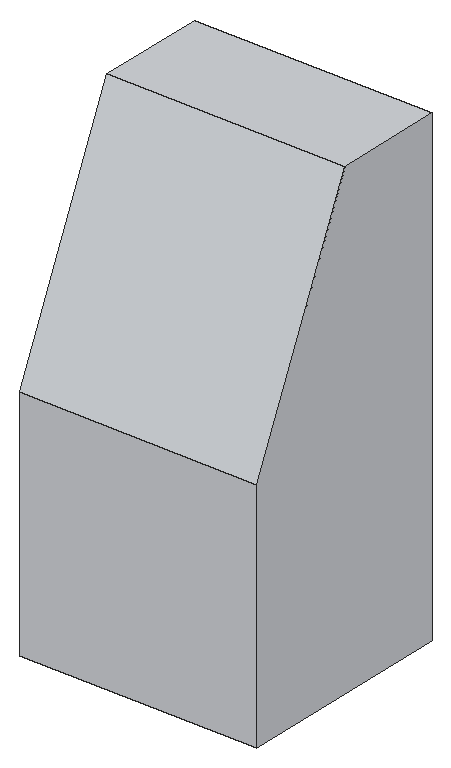
Revit family "01831-B", category Instalační zařizovací předměty, Revit 2016
Family settings
  Typ součásti = Normální
  Kóta kulaté spojky = Použít průměr
  Číslo OmniClass = 23.45.05.00
  Nadpis OmniClass = Sanitary Equipment
  Založené na pracovní rovině = Ne
  Vždy vertikální = Ano
  Ořezat dutým tvarem při načtení = Ne
  Sdílené = Ne
  Bod výpočtu místnosti = Ne
Parameters
  Warranty = "3"
  WIDTH = 164 mm
  WEIGHT = 4.70 kg
  Výrobce = "Nofer"
  Utility frequency = 0
  Surface finish = "Polish"
  Připojení ventilace = no
  Připojení odpadu = no
  Připojení HW = no
  Připojení CW = no
  Power supply = 0 V
  Power input = 800 W
  Noise level = 72
  MATERIAL = none
  IP code = "IPX1"
  HEIGHT = 327 mm
  Electric class = "I"
  DEPTH = 151 mm
  Article number = "01831.B"
  Air temperature [°C] = 40 °C
  Air speed = 305.00 kg/m²
Reference planes
  plane 1 "Střed (vpředu/vzadu)": y = 0
  plane 2: z = 0
  plane 3 "Střed (vlevo/vpravo)": x = 0
  plane 4: z = 0
  plane 5: z = 327
  plane 6: y = -151
  plane 7: x = 82
  plane 8: x = -82
  plane 9: z = 163.5
  plane 10: y = -75.5
Forms (mm)
  Extrusion 1, solid, material <- "MATERIAL", detail levels medium+fine
    sketch origin (0, 0, 0) x (0, 1, 0) y (0, 0, 1)
      loop
        line (0, 327) -> (-75.5, 327) -> (-151, 163.5) -> (-151, 0) -> (0, 0) -> (0, 327)
    from -82 to 82
  Extrusion 2, solid, material <- "MATERIAL", detail levels coarse
    sketch origin (0, 0, 0) x (0, 1, 0) y (0, 0, 1)
      loop
        line (0, 327) -> (-151, 327) -> (-151, 0) -> (0, 0) -> (0, 327)
    from -82 to 82
Dimensions and locks
  equal spacing: plane 8, plane 3 "Střed (vlevo/vpravo)", plane 7
  "WIDTH": plane 8 to plane 7
  "DEPTH": plane 6 to plane 1 "Střed (vpředu/vzadu)"
  equal spacing: plane 5, plane 9, plane 4
  equal spacing: plane 1 "Střed (vpředu/vzadu)", plane 10, plane 6
  "DEPTH": plane 1 "Střed (vpředu/vzadu)" to plane 6
  "HEIGHT": plane 5 to level
  aligned and locked: level to plane 2
  aligned and locked: plane 5 to Extrusion 1 sketch curve
  aligned and locked: Extrusion 1 sketch curve to plane 1 "Střed (vpředu/vzadu)"
  aligned and locked: Extrusion 1 sketch curve to plane 4
  aligned and locked: Extrusion 1 sketch curve to plane 6
  aligned and locked: plane 10 to Extrusion 1 sketch curve
  aligned and locked: plane 9 to Extrusion 1 sketch curve
  aligned and locked: Extrusion 1 to plane 8
  aligned and locked: plane 7 to Extrusion 1
  aligned and locked: Extrusion 2 to plane 8
  aligned and locked: plane 7 to Extrusion 2
  aligned and locked: Extrusion 2 to level
Automatic sketch dimensions
  Extrusion 2 sketch curve to plane 5 = 0 mm
  Extrusion 2 sketch curve to plane 6 = 0 mm
  Extrusion 2 sketch curve to plane 1 "Střed (vpředu/vzadu)" = 0 mm
  level to Extrusion 2 sketch curve = 0 mm
